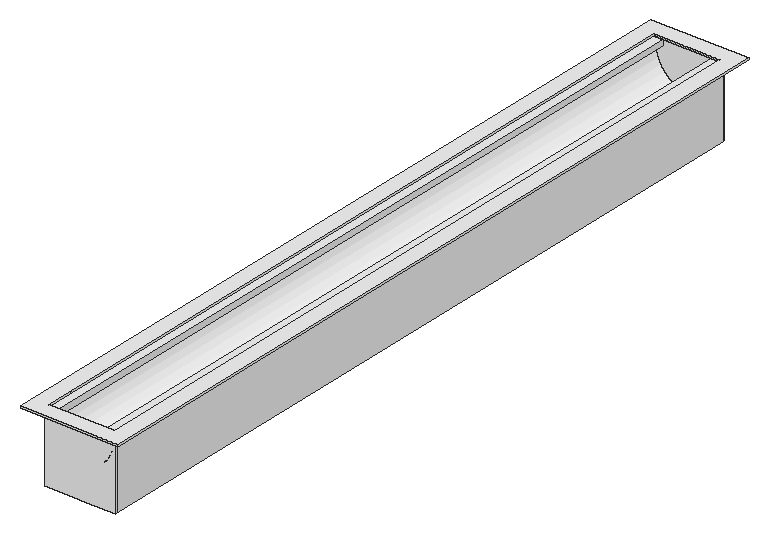
Revit family "ARX.4-R", category Lighting Fixtures, host Face, Revit 2018
Family settings
  Host = Face
  Round Connector Dimension = Use Diameter
  Part Type = Normal
  Cut with Voids When Loaded = No
  Light Source = Yes
  Shared = Yes
  Room Calculation Point = Yes
Parameters (values of type "4' Direct")
  Wattage = 17.6471 W
  built-in parameter 1150110 = 1 (stored number, unit not read)
  Voltage = 0 V
  Type Comments = "LUX ILLUMINAIRE"
  Trim = yes
  built-in parameter 1114217 = 1 (stored number, unit not read)
  Tilt Angle = 90.00°
  built-in parameter 1150109 = 1 (stored number, unit not read)
  built-in parameter 1150134 = 12
  Switch Leg Visibility = no
  Switch Leg [instance] = ""
  Suspension Length [instance] = 0' - 0"  # constant formula
  built-in parameter 1150113 = 1 (stored number, unit not read)
  Photometric Web File = "ARX_4-R-G-375-4-40K-8.ies"
  Material - Body [instance] = LUX ILLUMINAIRE White
  Manufacturer = ""
  built-in parameter 1150105 = 119.37 (stored number, unit not read)
  Lumens = 1500 lm
  built-in parameter 1150115 = 1 (stored number, unit not read)
  built-in parameter 1150137 = (empty or 0)
  built-in parameter 1150139 = (empty or 0)
  built-in parameter 1150112 = 1 (stored number, unit not read)
  built-in parameter 1150114 = 1 (stored number, unit not read)
  Lamp = "LED"
  built-in parameter 1150132 = 2
  built-in parameter 1150102 = (empty or 0)
  built-in parameter 1150107 = 4000 (stored number, unit not read)
  built-in parameter 1150138 = (empty or 0)
  built-in parameter 1150106 = 1.1937 (stored number, unit not read)
  Fixture Width = 0' - 4 1/2"  # constant formula
  Fixture Symbol Visiblity = yes
  Fixture Length = 4' - 0"
  Emit from Rectangle Width = 0' - 3"
  Emit from Rectangle Length = Fixture Length  # 4' - 0"
  Emit Shape Visible in Rendering = yes
  Emergency Lighting [instance] = no
  built-in parameter 1150104 = 7.8968 (stored number, unit not read)
  Dimming Lamp Color Temperature Shift = <None>
  Default Elevation = 4' - 0"
  Color Filter = 16777215
  built-in parameter 1140040 [instance] = 1
  built-in parameter 1114218 = 1 (stored number, unit not read)
  built-in parameter 1150133 = 10 (stored number, unit not read)
  Apparent Load = 12.4 VA
Types (7): name | Wattage | Voltage | Type Comments | Manufacturer | built-in parameter 1150105 | Lumens | built-in parameter 1150106 | Fixture Length | Emit from Rectangle Length | Emit Shape Visible in Rendering | Apparent Load
  2' Direct | 8.82353 W | 120 V | "LUX ILLUMINAIRE" | "" | 59.683 (stored number, unit not read) | 750 lm | 0.59683 (stored number, unit not read) | 2' - 0" | 2' - 0" | no | 6.2 VA
  3' Direct | 13.2353 W | 0 V | "LUX ILLUMINAIRE" | "" | 89.525 (stored number, unit not read) | 1125 lm | 0.89525 (stored number, unit not read) | 3' - 0" | 3' - 0" | no | 9.3 VA
  4' Direct | 17.6471 W | 0 V | "LUX ILLUMINAIRE" | "" | 119.37 (stored number, unit not read) | 1500 lm | 1.1937 (stored number, unit not read) | 4' - 0" | 4' - 0" | yes | 12.4 VA
  5' Direct | 22.0588 W | 0 V | "LUX ILLUMINAIRE" | "" | 149.21 (stored number, unit not read) | 1875 lm | 1.4921 (stored number, unit not read) | 5' - 0" | 5' - 0" | no | 15.5 VA
  6' Direct | 26.4706 W | 0 V | 0' - 0" | "LUX ILLUMINAIRE" | 179.05 (stored number, unit not read) | 2250 lm | 1.7905 (stored number, unit not read) | 6' - 0" | 6' - 0" | no | 18.6 VA
  7' Direct | 30.8824 W | 0 V | 0' - 0" | "LUX ILLUMINAIRE" | 208.89 (stored number, unit not read) | 2625 lm | 2.0889 (stored number, unit not read) | 7' - 0" | 7' - 0" | no | 21.7 VA
  8' Direct | 35.2941 W | 0 V | 0' - 0" | "LUX ILLUMINAIRE" | 238.73 (stored number, unit not read) | 3000 lm | 2.3873 (stored number, unit not read) | 8' - 0" | 8' - 0" | no | 24.8 VA
Reference planes (in)
  plane 1 "Center (Front/Back)": y = 0
  plane 2: z = 0
  plane 3 "Center (Left/Right)": x = 0
  plane 4: x = 2.25
  plane 5: x = -2.25
  plane 6: y = 24
  plane 7: y = -24
  plane 8: z = 0
  plane 9: y = 24.125
  plane 10: y = -24.125
  plane 11: z = 1
  plane 12: z = -4.5
  plane 13: z = -5.25
Forms (in)
  Extrusion 1, solid, material "LUX ILLUMINAIRE White" <- "Material - Body"
    sketch origin (0, 0, 0) x (1, 0, 0) y (0, 0, 1)
      loop
        line (-2.25025, -4.5015) -> (-0.437, -4.5015) -> (0.438, -4.5015) -> (2.25126, -4.5015) -> (2.25126, 0) -> (1.53869, 0) -> (1.53869, -0.38545) -> (1.99286, -0.38545)
        arc (1.99286, -0.38545) -> (-0.00674, -2.43778) -> (-2.00634, -0.38545) r 2.00028
        line (-2.00634, -0.38545) -> (-1.53881, -0.38545) -> (-1.53881, 0) -> (-2.25025, 0) -> (-2.25025, -4.5015)
    from -24 to 24
  Extrusion 2, solid, material "LUX ILLUMINAIRE White" <- "Material - Body"
    sketch origin (0, 0, 0) x (1, 0, 0) y (0, 0, 1)
      loop
        line (-2.25025, 0) -> (-2.25025, -4.5015) -> (-0.437, -4.5015) -> (0.438, -4.5015) -> (2.25126, -4.5015) -> (2.25126, 0) -> (-2.25025, 0)
    from 24 to 24.125
  Extrusion 3, solid, not visible
    sketch origin (0, 0, 0) x (1, 0, 0) y (0, 1, 0)
      loop
        circle (0.00029, -24) r 0.1875
    from 0 to 1
  Extrusion 4, solid, not visible
    sketch origin (0, 0, 0) x (1, 0, 0) y (0, 1, 0)
      loop
        circle (0.0005, -24) r 0.03125
    from 1 to 13.33203
  Extrusion 5, solid, not visible
    sketch origin (0, 0, 0) x (1, 0, 0) y (0, 1, 0)
      loop
        circle (0.0005, -24) r 0.18729
    from 13.33203 to 14.08203
  Extrusion 6, solid, material "LUX ILLUMINAIRE White" <- "Material - Body"
    sketch origin (0.00056, 24, 0) x (1, 0, 0) y (0, 0, -1)
      loop
        line (-2.25056, 0) -> (2.24944, 0) -> (2.24944, 4.5015) -> (0.438, 4.5015) -> (-0.437, 4.5015) -> (-2.25056, 4.5015) -> (-2.25056, 0)
    from 0 to 0.125
  Extrusion 7, solid, material "Light Emit"
    sketch origin (0, 0, 0) x (1, 0, 0) y (0, 0, 1)
      loop
        line (-1.98294, -0.38545) -> (-2.09548, -0.38545)
        arc (-2.09548, -0.38545) -> (-0.00674, -2.52689) -> (2.082, -0.38545) r 2.08939
        line (2.082, -0.38545) -> (1.96946, -0.38545)
        arc (1.96946, -0.38545) -> (-0.00674, -2.41438) -> (-1.98294, -0.38545) r 1.97688
    from -24 to 24
  Extrusion 8, solid, material "LUX ILLUMINAIRE White" <- "Material - Body", visible <- "Trim"
    sketch origin (0, 0, 0) x (1, 0, 0) y (0, 1, 0)
      loop
        line (-3.09375, 25) -> (-3.09375, -25) -> (3.09375, -25) -> (3.09375, 25) -> (-3.09375, 25)
      loop
        line (-2.09375, 24) -> (-2.09375, -24) -> (2.09375, -24) -> (2.09375, 24) -> (-2.09375, 24)
    from 0 to 0.125
Lines and regions (in)
  symbolic lines, visible <- "Fixture Symbol Visiblity"
    curve 1: line (-2.25, 24, 0) -> (2.25, 24, 0)
    curve 2: line (-2.25, -24, 0) -> (-2.25, 24, 0)
    curve 3: line (2.25, -24, 0) -> (-2.25, -24, 0)
    curve 4: line (2.25, 24, 0) -> (2.25, -24, 0)
Dimensions and locks (in)
  plane 5 to plane 4 = 0' - 4 1/2"
  equal spacing: plane 7, plane 1 "Center (Front/Back)", plane 6
  "Fixture Length": plane 7 to plane 6
  "Suspension Length": plane 8 to level
  "Fixture Width": plane 4 to plane 5
  equal spacing: plane 4, plane 3 "Center (Left/Right)", plane 5
  locked: nested 2 to plane 10 at 9.5
  plane 8 to plane 12 to plane 13 = 0' - 4 1/2" locked, 0' - 0 3/4" locked
  locked: imposter light to Extrusion 1 at 0.125
  locked: plane 9 to plane 6 at 0.125
  locked: plane 7 to plane 10 at 0.125
  Extrusion 8 sketch curve to Extrusion 8 sketch curve = 0' - 1"  (x3)
  aligned and locked: plane 2 to host face
  aligned and locked: level to host face
  aligned and locked: Extrusion 6 to plane 5
  aligned and locked: plane 4 to Extrusion 6
  aligned and locked: plane 6 to Extrusion 6
  aligned and locked: Extrusion 1 to plane 6
  aligned and locked: plane 10 to Extrusion 2
  aligned and locked: Extrusion 2 to plane 7
  aligned and locked: plane 7 to Extrusion 1
  aligned and locked: Extrusion 6 to plane 9
  aligned and locked: plane 7 to nested 1
  aligned and locked: plane 6 to curve 1
  aligned and locked: plane 5 to curve 2
  aligned and locked: curve 3 to plane 7
  aligned and locked: curve 4 to plane 4
  aligned and locked: nested 1 to plane 6
  aligned and locked: plane 8 to Extrusion 6
  aligned and locked: plane 8 to Extrusion 2
  aligned and locked: Extrusion 7 sketch curve to Extrusion 1
  aligned and locked: Extrusion 1 to Extrusion 7 sketch curve
  aligned and locked: Extrusion 7 to plane 6
  aligned and locked: plane 7 to Extrusion 7
Automatic sketch dimensions
  host sketch curve to host sketch curve = 8' - 0"  (x2)
  Extrusion 1 sketch curve to plane 5 = 0' - 0.00025"
  plane 5 to Extrusion 1 sketch curve = 0' - 0.24366"
  Extrusion 1 sketch curve to Extrusion 1 sketch curve = 0' - 0.46753"
  Extrusion 1 sketch curve to plane 12 = 0' - 0.0015"
  Extrusion 1 sketch curve to plane 3 "Center (Left/Right)" = 0' - 0.437"
  Extrusion 1 sketch curve to plane 3 "Center (Left/Right)" = 0' - 0.00674"
  plane 3 "Center (Left/Right)" to Extrusion 1 sketch curve = 0' - 0.438"
  Extrusion 1 sketch curve to plane 4 = 0' - 0.71131"
  plane 4 to Extrusion 1 sketch curve = 0' - 0.00126"
  Extrusion 2 sketch curve to plane 8 = 0' - 0"
  Extrusion 2 sketch curve to plane 5 = 0' - 0.00025"
  Extrusion 2 sketch curve to plane 12 = 0' - 0.0015"
  Extrusion 2 sketch curve to plane 3 "Center (Left/Right)" = 0' - 0.437"
  plane 3 "Center (Left/Right)" to Extrusion 2 sketch curve = 0' - 0.438"
  plane 4 to Extrusion 2 sketch curve = 0' - 0.00126"
  Extrusion 1 sketch curve to plane 8 = 0' - 0.38545"
  Extrusion 1 sketch curve to plane 4 = 0' - 0.25714"
  Extrusion 1 sketch curve to plane 8 = 0' - 0 7/16"
  Extrusion 6 sketch curve to plane 5 = 0' - 0"
  Extrusion 6 sketch curve to plane 4 = 0' - 0"
  Extrusion 6 sketch curve to plane 12 = 0' - 0.0015"
  Extrusion 6 sketch curve to plane 3 "Center (Left/Right)" = 0' - 0.43644"
  plane 3 "Center (Left/Right)" to Extrusion 6 sketch curve = 0' - 0.43856"
  Extrusion 6 sketch curve to plane 8 = 0' - 0"
  Extrusion 7 sketch curve to Extrusion 7 sketch curve = 0' - 0"  (x2)
  Extrusion 7 sketch curve to plane 3 "Center (Left/Right)" = 0' - 0.00674"
  Extrusion 7 sketch curve to plane 8 = 0' - 0 7/16"
  plane 5 to Extrusion 7 sketch curve = 0' - 0.26706"
  Extrusion 7 sketch curve to Extrusion 7 sketch curve = 0' - 0.11255"
  plane 6 to Extrusion 8 sketch curve = 0' - 0"
  plane 7 to Extrusion 8 sketch curve = 0' - 0"
  Extrusion 8 sketch curve to plane 5 = 0' - 0 27/32"
  Extrusion 8 sketch curve to plane 4 = 0' - 0 5/32"
  plane 10 to Extrusion 8 sketch curve = 0' - 0 7/8"
  Extrusion 1 sketch curve to level = 0' - 0"  (x2)
  radius of Extrusion 3 sketch curve = 0' - 0 3/16"
  radius of Extrusion 4 sketch curve = 0' - 0 1/32"
  radius of Extrusion 5 sketch curve = 0' - 0.18729"
Nested families (in)
  nested 1: "Emergency Symbol Rectangle" at (-11.90822, 0, 0) x (0, 1, 0) z (0, 0, 1), visible <- "Emergency Lighting", type "Emergency Symbol Rectangle"
    with Width 1' - 0.50394", Length 4' - 0"
  nested 2: "Switch Leg Annotation" at (9.99627, -14.625, 0) x (0, 1, 0) z (0, 0, 1), visible <- "Switch Leg Visibility", Switch Leg Annotation <- "Switch Leg", type "Switch Leg Annotation"
    with Switch Leg Annotation ""
Connectors (in)
  electrical at (-1.34363, 0, -4.5015), driven by "Voltage", driven by "Apparent Load"
    settings: on Extrusion 1, index 1, voltage 0 V, apparent load 0 VA, apparent load phase1 12.4 VA, apparent load phase2 0 VA, apparent load phase3 0 VA, power factor 1, load classification "Other", number of poles 1, system type 31, power factor state 1, is connector primary yes, connector utility no, sub classification motor no, connector description ""
Definition of nested family "Emergency Symbol Rectangle"
  Parameters (values of type "Emergency Symbol Rectangle")
    Width [instance] = 0' - 8 1/2"
    Length [instance] = 5' - 0"
    Emergency Visibility = no
  Reference planes (in)
    plane 1 "Center (Front/Back)": y = -7.75
    plane 2: z = 0
    plane 3 "Center (Left/Right)": x = -24
    plane 4: x = 24
    plane 5: x = -36
    plane 6: y = -3.5
    plane 7: y = -12
  Lines and regions (in)
    Filled region 1, type "Solid Fill - Black", in view "Ref. Level", detail levels coarse+medium
      outline origin (0, 0.25, 0) x (1, 0, 0) y (0, 1, 0)
        loop
          line (-36, -12.25) -> (24, -12.25) -> (-36, -10.125) -> (-36, -12.25)
  Dimensions and locks (in)
    equal spacing: plane 7, plane 1 "Center (Front/Back)", plane 6
    "Width": plane 7 to plane 6
    "Length": plane 5 to plane 4
    aligned and locked: plane 5 to Filled region 1
  Automatic sketch dimensions
    plane 1 "Center (Front/Back)" to Filled region 1 sketch curve = 0' - 2 1/8"
    Filled region 1 sketch curve to plane 3 "Center (Left/Right)" = 1' - 0"
    Filled region 1 sketch curve to plane 4 = 0' - 0"
    Filled region 1 sketch curve to plane 7 = 0' - 0"
Definition of nested family "Switch Leg Annotation"
  Parameters (values of type "Switch Leg Annotation")
    Switch Leg Annotation [instance] = ""
  Reference planes (in)
    plane 1: y = 0
    plane 2: x = 0
  Text (in)
    label "a" at (0.00527, 0.01239, 0), shows "Switch Leg Annotation"
